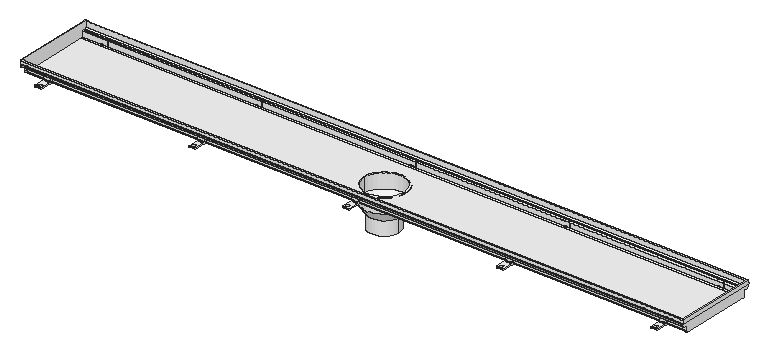
Revit family "P6120-ELTD", category Plumbing Fixtures, host Face, Revit 2018
Family settings
  Host = Face
  Round Connector Dimension = Use Diameter
  Part Type = Normal
  Cut with Voids When Loaded = No
  Shared = No
  Room Calculation Point = No
Parameters (values of type "P6120-ELTD-98")
  URL = "WWW.MIFAB.COM"
  Radius = 0' - 2"
  Model = "P6120-ELTD-98"
  Material = Paint - Sherwin Williams Paint - #952C2A - Bellwood Red
  Manufacturer = "MIFAB"
  Length = 8' - 2"
  Diameter = 0' - 4"
  Description = "12\" WIDE, 10\" INTERNAL WIDTH, STAINLESS STEEL ELEVATOR TRENCH DRAIN"
  Default Elevation = 4' - 0"
Types (4): name | Model | Length
  (no name) | "P6120-ELTD-98" | 8' - 2"
  P6120-ELTD-36 | "P6120-ELTD-36" | 3' - 0"
  P6120-ELTD-48 | "P6120-ELTD-48" | 4' - 0"
  P6120-ELTD-98 | "P6120-ELTD-98" | 8' - 2"
Reference planes (in)
  plane 1 "Center (Front/Back)": y = 0
  plane 2: z = 0
  plane 3 "Center (Left/Right)": x = -28.5
  plane 4: x = 69.5
  plane 5: x = 20.5
  plane 6: x = 69.42341
  plane 7: z = -7.5625
  plane 8: x = -28.44141
  plane 9: z = -1.02734
  plane 10: z = -2
  plane 11: z = -5.5
  plane 12: x = 69.44141
  plane 13: x = 69.38281
  plane 14: x = -28.38281
  plane 15: x = 18.5
  plane 16: x = 22.5
  plane 17: x = -25
  plane 18: x = 66
  plane 19: x = -2.25
  plane 20: x = 43.25
  plane 21: y = 6
  plane 22: y = -6
  plane 23: y = 5.25
  plane 24: y = -5.25
Forms (in)
  Extrusion 1, solid, material "Paint - Sherwin Williams Paint - #952C2A - Bellwood Red" <- "Material"
    sketch origin (-28.5, 0, 0) x (0, 1, 0) y (0, 0, 1)
      loop
        arc (5.1902, -1.77619) -> (5.14216, -1.89216) -> (5.02619, -1.9402) r 0.16401
        line (5.02619, -1.9402) -> (-5.02614, -1.9402)
        arc (-5.02614, -1.9402) -> (-5.14215, -1.89215) -> (-5.1902, -1.77614) r 0.16406
        line (-5.1902, -1.77614) -> (-5.1902, -1.09254)
        arc (-5.1902, -1.09254) -> (-5.22681, -1.00416) -> (-5.3152, -0.96754) r 0.125
        line (-5.3152, -0.96754) -> (-5.71553, -0.96754)
        arc (-5.71553, -0.96754) -> (-5.83211, -0.91925) -> (-5.8804, -0.80267) r 0.16487
        line (-5.8804, -0.80267) -> (-5.8804, -0.0598)
        arc (-5.8804, -0.0598) -> (-5.9402, 0) -> (-6, -0.0598) r 0.0598
        line (-6, -0.0598) -> (-6, -0.55859) -> (-5.9402, -0.55859) -> (-5.9402, -0.80774)
        arc (-5.9402, -0.80774) -> (-5.87588, -0.96302) -> (-5.7206, -1.02734) r 0.2196
        line (-5.7206, -1.02734) -> (-5.3144, -1.02734)
        arc (-5.3144, -1.02734) -> (-5.26886, -1.04621) -> (-5.25, -1.09175) r 0.0644
        line (-5.25, -1.09175) -> (-5.25, -1.7804)
        arc (-5.25, -1.7804) -> (-5.18568, -1.93568) -> (-5.0304, -2) r 0.2196
        line (-5.0304, -2) -> (5.0304, -2)
        arc (5.0304, -2) -> (5.18568, -1.93568) -> (5.25, -1.7804) r 0.2196
        line (5.25, -1.7804) -> (5.25, -1.08984)
        arc (5.25, -1.08984) -> (5.26831, -1.04565) -> (5.3125, -1.02734) r 0.0625
        line (5.3125, -1.02734) -> (5.7206, -1.02734)
        arc (5.7206, -1.02734) -> (5.87588, -0.96302) -> (5.9402, -0.80774) r 0.2196
        line (5.9402, -0.80774) -> (5.9402, -0.55859) -> (6, -0.55859) -> (6, -0.0598)
        arc (6, -0.0598) -> (5.9402, 0) -> (5.8804, -0.0598) r 0.0598
        line (5.8804, -0.0598) -> (5.8804, -0.80348)
        arc (5.8804, -0.80348) -> (5.83235, -0.91949) -> (5.71634, -0.96754) r 0.16406
        line (5.71634, -0.96754) -> (5.3152, -0.96754)
        arc (5.3152, -0.96754) -> (5.22681, -1.00416) -> (5.1902, -1.09254) r 0.125
        line (5.1902, -1.09254) -> (5.1902, -1.77619)
    from 0.11719 to 97.94141
  Extrusion 2, void
    sketch origin (0, 0, 0) x (1, 0, 0) y (0, 1, 0)
      loop
        line (-28.5, 6) -> (-28.5, -6) -> (69.5, -6) -> (69.5, 6) -> (-28.5, 6)
    from -7.5625 to 0
  Extrusion 3, solid, material "Paint - Sherwin Williams Paint - #952C2A - Bellwood Red" <- "Material"
    sketch origin (19.5, 0, 0) x (0, 1, 0) y (0, 0, -1)
      loop
        arc (5.9402, 0.80774) -> (5.87588, 0.96302) -> (5.7206, 1.02734) r 0.2196
        line (5.7206, 1.02734) -> (5.3125, 1.02734)
        arc (5.3125, 1.02734) -> (5.26831, 1.04565) -> (5.25, 1.08984) r 0.0625
        line (5.25, 1.08984) -> (5.25, 1.7804)
        arc (5.25, 1.7804) -> (5.18568, 1.93568) -> (5.0304, 2) r 0.2196
        line (5.0304, 2) -> (-5.0304, 2)
        arc (-5.0304, 2) -> (-5.18568, 1.93568) -> (-5.25, 1.7804) r 0.2196
        line (-5.25, 1.7804) -> (-5.25, 1.09175)
        arc (-5.25, 1.09175) -> (-5.26886, 1.04621) -> (-5.3144, 1.02734) r 0.0644
        line (-5.3144, 1.02734) -> (-5.7206, 1.02734)
        arc (-5.7206, 1.02734) -> (-5.87588, 0.96302) -> (-5.9402, 0.80774) r 0.2196
        line (-5.9402, 0.80774) -> (-5.9402, 0.55859) -> (5.9402, 0.55859) -> (5.9402, 0.80774)
    from 47.88281 to 47.94141
  Sweep 4, solid, material "Paint - Sherwin Williams Paint - #952C2A - Bellwood Red" <- "Material"
    path origin (0, 0, 0) x (1, 0, 0) y (0, 1, 0)
      loop
        line (-28.44141, 6) -> (-28.44141, -6)
    profile origin (-28.44141, 0, 0) x (1, 0, 0) y (0, 0, 1)
      loop
        line (-0.05859, -0.05859) -> (-0.05859, -0.55859) -> (0.05859, -0.55859) -> (0.05859, -0.05859)
        arc (0.05859, -0.05859) -> (0, 0) -> (-0.05859, -0.05859) r 0.05859
  Extrusion 5, solid, material "Paint - Sherwin Williams Paint - #952C2A - Bellwood Red" <- "Material"
    sketch origin (-28.5, 0, 0) x (0, 1, 0) y (0, 0, 1)
      loop
        line (5.9402, -0.80774) -> (5.9402, -0.55859) -> (-5.9402, -0.55859) -> (-5.9402, -0.80774)
        arc (-5.9402, -0.80774) -> (-5.87588, -0.96302) -> (-5.7206, -1.02734) r 0.2196
        line (-5.7206, -1.02734) -> (-5.3144, -1.02734)
        arc (-5.3144, -1.02734) -> (-5.26886, -1.04621) -> (-5.25, -1.09175) r 0.0644
        line (-5.25, -1.09175) -> (-5.25, -1.7804)
        arc (-5.25, -1.7804) -> (-5.18568, -1.93568) -> (-5.0304, -2) r 0.2196
        line (-5.0304, -2) -> (5.0304, -2)
        arc (5.0304, -2) -> (5.18568, -1.93568) -> (5.25, -1.7804) r 0.2196
        line (5.25, -1.7804) -> (5.25, -1.08984)
        arc (5.25, -1.08984) -> (5.26831, -1.04565) -> (5.3125, -1.02734) r 0.0625
        line (5.3125, -1.02734) -> (5.7206, -1.02734)
        arc (5.7206, -1.02734) -> (5.87588, -0.96302) -> (5.9402, -0.80774) r 0.2196
    from 97.94141 to 97.88281
  Sweep 6, solid, material "Paint - Sherwin Williams Paint - #952C2A - Bellwood Red" <- "Material"
    path origin (-9, 0, 0) x (-1, 0, 0) y (0, 1, 0)
      loop
        line (-78.44141, 6) -> (-78.44141, -6)
    profile origin (69.44141, 0, 0) x (1, 0, 0) y (0, 0, 1)
      loop
        arc (0.05859, -0.05859) -> (0, 0) -> (-0.05859, -0.05859) r 0.05859
        line (-0.05859, -0.05859) -> (-0.05859, -0.55859) -> (0.05859, -0.55859) -> (0.05859, -0.05859)
  Revolve 7, solid, material "Paint - Sherwin Williams Paint - #952C2A - Bellwood Red" <- "Material"
    sketch origin (-4.5, 0, 0) x (1, 0, 0) y (0, 0, 1)
      loop
        line (23, -7.5625) -> (23, -5.5) -> (22.0375, -4.12501) -> (22.0375, -2) -> (21.85, -2) -> (21.85, -4.12501) -> (22.8125, -5.5) -> (22.8125, -7.5625) -> (23, -7.5625)
      axis (25, -7.5625) -> (25, -2)
    angle from 0 to 360
  Extrusion 8, void
    sketch origin (0, 0, 0) x (1, 0, 0) y (0, 1, 0)
      loop
        circle (20.5, 0) r 2.9625
    from -2.4375 to -1.82253
  Sweep 9, solid, material "Paint - Sherwin Williams Paint - #952C2A - Bellwood Red" <- "Material", not visible
    path origin (0, 0, 0) x (1, 0, 0) y (0, 1, 0)
      loop
        line (69.38281, 0) -> (-28.38281, 0)
    profile origin (20.5, 0, 0) x (0, -1, 0) y (0, 0, 1)
      loop
        arc (-5.71634, 0) -> (-5.83235, -0.04805) -> (-5.8804, -0.16406) r 0.16406
        line (-5.8804, -0.16406) -> (-5.8804, -0.80333)
        arc (-5.8804, -0.80333) -> (-5.8323, -0.91945) -> (-5.71619, -0.96754) r 0.16421
        line (-5.71619, -0.96754) -> (-5.18143, -0.96754) -> (-5.18143, -0.84645) -> (-5.71619, -0.84645)
        arc (-5.71619, -0.84645) -> (-5.74668, -0.83382) -> (-5.75931, -0.80333) r 0.04312
        line (-5.75931, -0.80333) -> (-5.75931, -0.16406)
        arc (-5.75931, -0.16406) -> (-5.74672, -0.13368) -> (-5.71634, -0.12109) r 0.04297
        line (-5.71634, -0.12109) -> (5.71557, -0.12109)
        arc (5.71557, -0.12109) -> (5.74596, -0.13368) -> (5.75854, -0.16406) r 0.04297
        line (5.75854, -0.16406) -> (5.75854, -0.80333)
        arc (5.75854, -0.80333) -> (5.74591, -0.83382) -> (5.71542, -0.84645) r 0.04312
        line (5.71542, -0.84645) -> (5.16064, -0.84645) -> (5.16064, -0.96754) -> (5.71619, -0.96754)
        arc (5.71619, -0.96754) -> (5.8323, -0.91945) -> (5.8804, -0.80333) r 0.16421
        line (5.8804, -0.80333) -> (5.8804, -0.16406)
        arc (5.8804, -0.16406) -> (5.83235, -0.04805) -> (5.71634, 0) r 0.16406
        line (5.71634, 0) -> (-5.71634, 0)
Cuts and joins
  Extrusion 8 cuts Extrusion 1
  joined: Extrusion 1, Extrusion 3, Sweep 4, Extrusion 5, Sweep 6, Revolve 7
Lines and regions (in)
  model lines, not visible
    curve 1: line (59.65335, -20.93764, 0) -> (59.65335, -8.19764, 0)
    curve 2: line (59.65335, -8.19764, 0) -> (68.65335, -8.19764, 0)
    curve 3: line (59.65335, -20.93764, 0) -> (68.65335, -20.93764, 0)
    curve 4: line (59.65335, -14.56764, 0) -> (62.65335, -14.56764, 0)
    curve 5: line (16.3877, -20.88914, 0) -> (16.3877, -19.13914, 0)
    curve 6: line (16.3877, -19.13914, 0) -> (18.5127, -19.13914, 0)
    curve 7: line (18.5127, -19.13914, 0) -> (18.5127, -20.88914, 0)
    curve 8: line (17.4502, -19.13914, 0) -> (17.4502, -19.63914, 0)
    curve 9: line (-28.5, 3.11725, 1.65743) -> (-28.5, 3.11725, 2.15743)
    curve 10: line (-28.5, 3.11725, 2.15743) -> (-28.5, -3.88275, 2.15743)
    curve 11: line (-28.5, -3.88275, 2.15743) -> (-28.5, -3.88275, 1.65743)
    curve 12: line (-28.5, -0.38275, 2.15743) -> (-28.5, -0.38275, 2.65743)
    curve 13: line (89.73548, 99.85913, 0) -> (89.73548, 99.04811, 0)
    curve 14: line (90.48499, 99.04811, 0) -> (89.73548, 99.04811, 0)
    curve 15: line (90.48499, 99.04811, 0) -> (90.48499, 99.79811, 0)
Dimensions and locks (in)
  "Length": plane 3 "Center (Left/Right)" to plane 4
  equal spacing: plane 3 "Center (Left/Right)", plane 5, plane 4
  locked: plane 4 to plane 6 at 0.07659
  locked: plane 3 "Center (Left/Right)" to plane 8 at 0.05859
  plane 2 to plane 9 = 0' - 1 7/256"
  level to plane 10 = 0' - 2"
  locked: plane 10 to plane 11 at 3.5
  locked: plane 11 to plane 7 at 2.0625
  locked: plane 2 to Sweep 4 sketch curve at 0.05859
  locked: plane 12 to plane 4 at 0.05859
  locked: plane 13 to plane 12 at 0.05859
  locked: plane 14 to plane 8 at 0.05859
  locked: plane 4 to Sweep 6 sketch curve at 0.05859
  plane 5 to Revolve 7 sketch curve to Revolve 7 sketch curve = 0' - 2.9625" locked, 0' - 0 3/16" locked
  equal spacing: plane 5, Revolve 7 sketch curve, Revolve 7 sketch curve
  "Radius": Revolve 7 sketch curve to plane 5
  equal spacing: plane 16, plane 5, plane 15
  "Diameter": plane 16 to plane 15
  locked: plane 3 "Center (Left/Right)" to plane 17 at 3.5
  locked: plane 18 to plane 4 at 3.5
  equal spacing: plane 17, plane 19, plane 5
  equal spacing: plane 5, plane 20, plane 18
  equal spacing: plane 21, plane 1 "Center (Front/Back)", plane 22
  plane 21 to plane 22 = 1' - 0"
  plane 21 to plane 23 = 0' - 0 3/4"
  locked: plane 24 to plane 22 at 0.75
  aligned and locked: host face to plane 2
  aligned and locked: host face to level
  aligned and locked: Extrusion 2 sketch curve to plane 3 "Center (Left/Right)"
  aligned and locked: Extrusion 2 sketch curve to plane 4
  aligned and locked: Extrusion 2 to level
  aligned and locked: Sweep 4 sketch curve to plane 8
  aligned and locked: plane 12 to Sweep 6 sketch curve
  aligned and locked: cut or joined group of Extrusion 1, Extrusion 3, Sweep 4, Extrusion 5, Sweep 6, Revolve 7, Extrusion 8 to plane 14
  aligned and locked: Sweep 6 sketch curve to plane 4
  aligned and locked: cut or joined group of Extrusion 1, Extrusion 3, Sweep 4, Extrusion 5, Sweep 6, Revolve 7, Extrusion 8 to plane 12
  aligned and locked: plane 12 to cut or joined group of Extrusion 1, Extrusion 3, Sweep 4, Extrusion 5, Sweep 6, Revolve 7, Extrusion 8
  aligned and locked: plane 13 to cut or joined group of Extrusion 1, Extrusion 3, Sweep 4, Extrusion 5, Sweep 6, Revolve 7, Extrusion 8
  aligned and locked: Extrusion 8 sketch curve to Revolve 7  (x2)
  aligned and locked: Sweep 9 sketch curve to plane 1 "Center (Front/Back)"
  aligned and locked: plane 14 to Sweep 9 sketch curve
  aligned and locked: plane 13 to Sweep 9 sketch curve
  aligned and locked: Sweep 9 sketch curve to plane 2
  aligned and locked: Sweep 9 sketch curve to cut or joined group of Extrusion 1, Extrusion 3, Sweep 4, Extrusion 5, Sweep 6, Revolve 7, Extrusion 8
  aligned and locked: nested 1 to cut or joined group of Extrusion 1, Extrusion 3, Sweep 4, Extrusion 5, Sweep 6, Revolve 7, Extrusion 8  (x2)
  aligned and locked: plane 9 to nested 1
  aligned and locked: plane 17 to nested 2
  aligned and locked: nested 1 to plane 17
  aligned and locked: nested 3 to plane 18
  aligned and locked: nested 4 to plane 18
  aligned and locked: nested 5 to plane 19
  aligned and locked: plane 19 to nested 6
  aligned and locked: nested 8 to plane 20
  aligned and locked: nested 7 to plane 20
  aligned and locked: nested 9 to plane 5
  aligned and locked: plane 5 to nested 10
  aligned and locked: plane 21 to Sweep 6 sketch curve
  aligned and locked: plane 22 to Sweep 6 sketch curve
  aligned and locked: plane 21 to Sweep 4 sketch curve
  aligned and locked: plane 22 to Sweep 4 sketch curve
Automatic sketch dimensions
  curve 1 to curve 2 = 1' - 0.74"
  curve 4 to curve 4 = 0' - 3"
  curve 4 to curve 3 = 0' - 6"
  curve 4 to curve 2 = 0' - 6"
  curve 1 to curve 4 = 0' - 6.37"
  curve 5 to curve 7 = 0' - 2 1/8"
  curve 8 to curve 6 = 0' - 1 1/16"
  curve 8 to curve 6 = 0' - 0 1/2"
  curve 5 to curve 8 = 0' - 1 1/4"
  curve 7 to curve 8 = 0' - 1 1/4"
  host sketch curve to host sketch curve = 10' - 3.12622"
  host sketch curve to host sketch curve = 5' - 0.25933"
  profile plane to Sweep 4 sketch curve = 0' - 0"
  profile plane to Sweep 4 sketch curve = 0' - 0 15/256"
  Sweep 4 sketch curve to Sweep 4 sketch curve = 0' - 0 1/2"
  Sweep 6 sketch curve to level = 0' - 0 143/256"
  Sweep 6 sketch curve to level = 0' - 0 15/256"
  plane 1 "Center (Front/Back)" to Extrusion 2 sketch curve = 0' - 6"
  Extrusion 2 sketch curve to plane 1 "Center (Front/Back)" = 0' - 6"
  Extrusion 1 sketch curve to plane 22 = 0' - 0"
  Extrusion 1 sketch curve to plane 9 = 0' - 0"  (x2)
  Extrusion 1 sketch curve to plane 24 = 0' - 0"
  Extrusion 1 sketch curve to plane 10 = 0' - 0"
  Extrusion 1 sketch curve to plane 23 = 0' - 0"
  Extrusion 1 sketch curve to plane 21 = 0' - 0"
  Extrusion 1 sketch curve to Extrusion 1 sketch curve = 0' - 0.0598"  (x2)
  Extrusion 1 sketch curve to Extrusion 1 sketch curve = 0' - 0.1598"  (x2)
  Extrusion 1 sketch curve to Extrusion 1 sketch curve = 0' - 0.00507"
  Extrusion 1 sketch curve to plane 24 = 0' - 0.0652"
  Extrusion 1 sketch curve to Extrusion 1 sketch curve = 0' - 0.0008"  (x2)
  plane 24 to Extrusion 1 sketch curve = 0' - 0.0598"
  Extrusion 1 sketch curve to Extrusion 1 sketch curve = 0' - 0.00426"  (x2)
  plane 23 to Extrusion 1 sketch curve = 0' - 0.22381"
  Extrusion 1 sketch curve to Extrusion 1 sketch curve = 0' - 0.00421"
  plane 23 to Extrusion 1 sketch curve = 0' - 0.0598"
  Extrusion 1 sketch curve to plane 23 = 0' - 0 1/16"
  Extrusion 1 sketch curve to Extrusion 1 sketch curve = 0' - 0.0027"
  plane 9 to Extrusion 1 sketch curve = 0' - 0.0598"
  plane 21 to Extrusion 1 sketch curve = 0' - 0.28366"
  Extrusion 1 sketch curve to level = 0' - 0.0598"  (x2)
  Extrusion 1 sketch curve to Extrusion 1 sketch curve = 0' - 0.1196"
  plane 21 to Extrusion 1 sketch curve = 0' - 0.0598"
  plane 10 to Extrusion 1 sketch curve = 0' - 0.0598"
  Extrusion 1 sketch curve to Extrusion 1 sketch curve = 0' - 0.24915"  (x2)
  Extrusion 3 sketch curve to plane 9 = 0' - 0"  (x2)
  Extrusion 3 sketch curve to plane 10 = 0' - 0"
  plane 22 to Extrusion 3 sketch curve = 0' - 0.0598"
  plane 9 to Extrusion 3 sketch curve = 0' - 0.2196"  (x2)
  Extrusion 3 sketch curve to Extrusion 3 sketch curve = 0' - 0.4062"
  plane 10 to Extrusion 3 sketch curve = 0' - 0.2196"
  Extrusion 3 sketch curve to Extrusion 3 sketch curve = 0' - 0.0644"
  plane 21 to Extrusion 3 sketch curve = 0' - 0.9696"
  Extrusion 3 sketch curve to Extrusion 3 sketch curve = 0' - 0.2196"
  Extrusion 3 sketch curve to Extrusion 3 sketch curve = 0' - 0 1/16"
  plane 21 to Extrusion 3 sketch curve = 0' - 0.2794"
  Extrusion 3 sketch curve to Extrusion 3 sketch curve = 0' - 0.24915"
  Extrusion 5 sketch curve to plane 9 = 0' - 0"  (x2)
  Extrusion 5 sketch curve to plane 10 = 0' - 0"
  plane 22 to Extrusion 5 sketch curve = 0' - 0.0598"
  Extrusion 5 sketch curve to Extrusion 5 sketch curve = 0' - 0.2196"  (x2)
  Extrusion 5 sketch curve to Extrusion 5 sketch curve = 0' - 0.4062"
  plane 10 to Extrusion 5 sketch curve = 0' - 0.2196"
  Extrusion 5 sketch curve to Extrusion 5 sketch curve = 0' - 0.0644"
  plane 21 to Extrusion 5 sketch curve = 0' - 0.9696"
  Extrusion 5 sketch curve to Extrusion 5 sketch curve = 0' - 0 1/16"
  plane 9 to Extrusion 5 sketch curve = 0' - 0.2196"
  plane 21 to Extrusion 5 sketch curve = 0' - 0.2794"
  Extrusion 5 sketch curve to Extrusion 5 sketch curve = 0' - 0.24915"
  Sweep 9 sketch curve to Sweep 9 sketch curve = 0' - 0"  (x4)
  Sweep 9 sketch curve to level = 0' - 0 21/128"  (x2)
  profile plane to Sweep 9 sketch curve = 0' - 5.8804"
  Sweep 9 sketch curve to Sweep 9 sketch curve = 0' - 0 31/256"
  Sweep 9 sketch curve to Sweep 9 sketch curve = 0' - 0.04312"
  Sweep 9 sketch curve to Sweep 9 sketch curve = 0' - 0.53476"
  Sweep 9 sketch curve to level = 0' - 0.84645"
  Sweep 9 sketch curve to profile plane = 0' - 5.16064"
  Sweep 9 sketch curve to Sweep 9 sketch curve = 0' - 0.55478"
  Sweep 9 sketch curve to Sweep 9 sketch curve = 0' - 0.00015"
  Sweep 9 sketch curve to Sweep 9 sketch curve = 0' - 0.00076"  (x2)
  Sweep 9 sketch curve to Sweep 9 sketch curve = 0' - 0.12186"
  Sweep 9 sketch curve to Sweep 9 sketch curve = 0' - 0.80348"
  Revolve 7 sketch curve to plane 11 = 0' - 0"  (x2)
  Revolve 7 sketch curve to plane 7 = 0' - 0"
  Revolve 7 sketch curve to plane 5 = 0' - 0"
  Revolve 7 sketch curve to plane 10 = 0' - 0"
  Revolve 7 sketch curve to plane 15 = 0' - 0 3/16"
  plane 11 to Revolve 7 sketch curve = 0' - 1 3/8"
  Revolve 7 sketch curve to Revolve 7 sketch curve = 0' - 0"
  Revolve 7 sketch curve to plane 7 = 0' - 0.59023"
  Revolve 7 sketch curve to Revolve 7 sketch curve = 0' - 0 3/4"
Nested families (in)
  nested 1: "Connection" at (-25, 5.25, -1.9986) x (0, -1, 0) z (0, 0, 1), type "Connection"
  nested 2: "Connection" at (-25, -5.25, -2) x (0, 1, 0) z (0, 0, 1), type "Connection"
  nested 3: "Connection" at (66, 5.25, -2) x (0, -1, 0) z (0, 0, 1), type "Connection"
  nested 4: "Connection" at (66, -5.25, -2) x (0, 1, 0) z (0, 0, 1), type "Connection"
  nested 5: "Connection" at (-2.25, 5.25, -2) x (0, -1, 0) z (0, 0, 1), type "Connection"
  nested 6: "Connection" at (-2.25, -5.25, -2) x (0, 1, 0) z (0, 0, 1), type "Connection"
  nested 7: "Connection" at (43.25, 5.25, -2) x (0, -1, 0) z (0, 0, 1), type "Connection"
  nested 8: "Connection" at (43.25, -5.25, -2) x (0, 1, 0) z (0, 0, 1), type "Connection"
  nested 9: "Connection" at (20.5, 5.25, -2) x (0, -1, 0) z (0, 0, 1), type "Connection"
  nested 10: "Connection" at (20.5, -5.25, -2) x (0, 1, 0) z (0, 0, 1), type "Connection"
Connectors (in)
  piping at (20.5, 0, -7.5625), diameter 4, driven by "Diameter"
    settings: on Revolve 7, index 1, connector inside diameter 609.6 mm, connector length 0' - 0", flow factor 0, pipe flow 0.0 L/s, pressure drop 0.0 Pa, fitting loss kfactor 0, connector angle 0.00°, fixture units 0, engagement length 0' - 0", angle of deflection 0.00°, flow configuration 0, flow direction 0, fitting loss method 0, system type 7, joint type 0, gender type 0, connector reference index -1, connector utility 0, adjustable connector no, is connector primary yes, connector description ""
Definition of nested family "Connection"
  Parameters (values of type "Connection")
    Material = none
  Reference planes (in)
    plane 1 "Center (Front/Back)": y = 0
    plane 2: z = 0
    plane 3 "Center (Left/Right)": x = 0
  Forms (in)
    Extrusion 1, solid, material <- "Material"
      sketch origin (0, 0.375, 0) x (1, 0, 0) y (0, 0, 1)
        loop
          arc (0, 0.90875) -> (-0.01831, 0.95295) -> (-0.0625, 0.97125) r 0.0625
          line (-0.0625, 0.97125) -> (-0.11952, 0.97125) -> (-0.11952, 0.21946)
          arc (-0.11952, 0.21946) -> (-0.14879, 0.14879) -> (-0.21946, 0.11952) r 0.09993
          line (-0.21946, 0.11952) -> (-1.82745, 0.11952) -> (-1.82745, 0) -> (-0.23806, 0)
          arc (-0.23806, 0) -> (-0.06973, 0.06973) -> (0, 0.23806) r 0.23806
          line (0, 0.23806) -> (0, 0.90875)
      from -0.12467 to 0.87467
    Extrusion 2, void
      sketch origin (0, 0, 0) x (1, 0, 0) y (0, 1, 0)
        loop
          line (-1.82745, 0.49992) -> (-1.82745, 0.37475)
          arc (-1.82745, 0.37475) -> (-1.79086, 0.46308) -> (-1.70253, 0.49992) r 0.12492
          line (-1.70253, 0.49992) -> (-1.82745, 0.49992)
        loop
          line (-1.82745, -0.49967) -> (-1.70253, -0.49967)
          arc (-1.70253, -0.49967) -> (-1.79086, -0.46308) -> (-1.82745, -0.37475) r 0.12492
          line (-1.82745, -0.37475) -> (-1.82745, -0.49967)
        loop
          circle (-1.45269, 0) r 0.24984
      from 0 to 0.17187
  Cuts and joins
    Extrusion 2 cuts Extrusion 1
  Lines and regions (in)
    model lines, not visible
      curve 1: line (-2.74275, 1.57536, 0) -> (-2.74275, 2.51224, 0)
      curve 2: arc (-2.74275, 2.51224, 0) -> (-2.70616, 2.60057, 0) -> (-2.61783, 2.63716, 0) r 0.12492
      curve 3: line (-2.61783, 2.63716, 0) -> (-1.86833, 2.63716, 0)
      curve 4: arc (-1.86833, 2.63716, 0) -> (-1.78, 2.60057, 0) -> (-1.74341, 2.51224, 0) r 0.12492
      curve 5: line (-1.74341, 2.51224, 0) -> (-1.74341, 1.57536, 0)
      curve 6: arc (-2.24308, 2.01257, 0) -> (-1.99324, 2.2624, 0) -> (-2.24308, 2.51224, 0) r 0.24984
      curve 7: arc (-2.24308, 2.51224, 0) -> (-2.49292, 2.2624, 0) -> (-2.24308, 2.01257, 0) r 0.24984
      curve 8: line (-0.21946, 0, 0.11952) -> (-1.81131, 0, 0.11952)
      curve 9: line (-1.81131, 0, 0) -> (-0.21946, 0, 0)
      curve 10: line (-0.11952, 0, 0.9974) -> (-0.11952, 0, 0.21946)
      curve 11: line (0, 0, 0.89941) -> (0, 0, 0.21946)
      curve 12: arc (0, 0, 0.89941) -> (-0.03657, 0, 0.97669) -> (-0.11952, 0, 0.9974) r 0.09993
      curve 13: arc (-0.21946, 0, 0) -> (-0.06428, 0, 0.06428) -> (0, 0, 0.21946) r 0.21946
      curve 14: arc (-0.21946, 0, 0.11952) -> (-0.14879, 0, 0.14879) -> (-0.11952, 0, 0.21946) r 0.09993
      curve 15: line (-1.81131, 0, 0.11952) -> (-1.81131, 0, 0)
  Dimensions and locks (in)
    aligned and locked: level to plane 2
